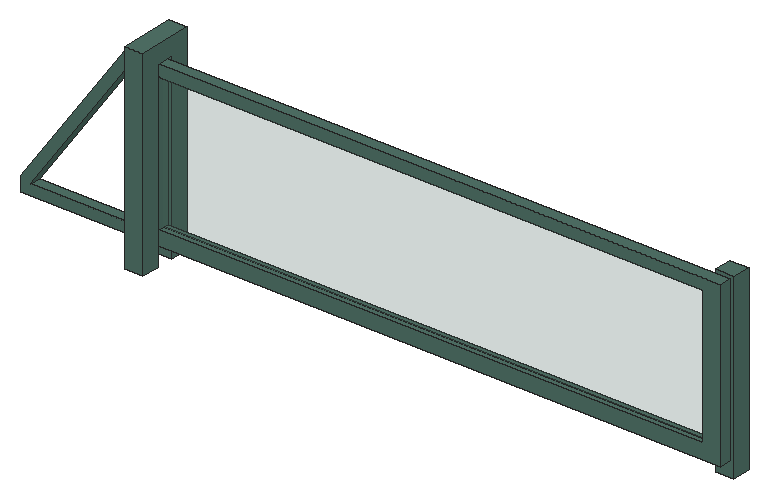
Revit family "Ворота откатные_Открывание влево", category Специальное оборудование, Revit 2019
Family settings
  Размер круглого соединителя = Использовать диаметр
  Тип детали = Нормальный
  На основе рабочей плоскости = Нет
  Всегда вертикально = Да
  При загрузке вырезать с полостями = Нет
  Общий = Нет
  Точка расчета площади = Нет
Parameters (values of type "Ворота откатные BARS")
  Ширина усиления [instance] = Высота / 3 * 2  # 666.667 mm
  Ширина [instance] = 3000 mm
  Таблица = if(Заполнение BARS, "GS_BARS_ВЛЕВО", "GS_FENCE_ВЛЕВО")  # "GS_BARS_ВЛЕВО"
  Материал_Столбы = FENSYS_Столб
  Материал_Сетка = FENSYS_Рейка
  Изготовитель = "FENSYS"  # constant formula
  Заполнение BARS = yes
  Длина ворот 9000-9500 [instance] = and(ADSK_Размер_Ширина > 8500 mm, not(ADSK_Размер_Ширина > 10000 mm))  # no
  Model = ""
  Высота [instance] = 1000 mm
  Длина ворот 7000-8500 [instance] = and(ADSK_Размер_Ширина > 6500 mm, not(ADSK_Размер_Ширина > 8500 mm))  # no
  Длина ворот 3000-6500 [instance] = not(ADSK_Размер_Ширина > 6500 mm)  # yes
  URL = "https://www.fensys.ru/produkciya/vorota_1.html"
  ADSK_Размер_Ширина [instance] = Ширина  # 3000 mm
  ADSK_Размер_Высота [instance] = Высота  # 1000 mm
  ADSK_Обозначение [instance] = size_lookup(Таблица, "ADSK_Обозначение", "Не стандарт", ADSK_Размер_Высота, ADSK_Размер_Ширина)  # "S/SIT/BARS"
  ADSK_Наименование [instance] = size_lookup(Таблица, "", "Не стандарт", ADSK_Размер_Высота, ADSK_Размер_Ширина)  # "Откатные ворота серии GS-BARS: HxW (ширина проезда) 1000х3000 мм, заполнение BARS, под автоматику, открывание влево"
  ADSK_Масса [instance] = size_lookup(Таблица, "ADSK_Масса", 0, ADSK_Размер_Высота, ADSK_Размер_Ширина)  # 174.5
  ADSK_Комплект = "Ворота откатные"  # constant formula
  ADSK_Код изделия [instance] = size_lookup(Таблица, "ADSK_Код изделия", "Не стандарт", ADSK_Размер_Высота, ADSK_Размер_Ширина)  # "21044L"
  ADSK_Завод-изготовитель = Изготовитель  # "FENSYS"
  ADSK_Единица измерения = "шт."  # constant formula
Types (3, lengths in mm): name | Таблица | Материал_Сетка | Заполнение BARS | ADSK_Обозначение | ADSK_Наименование | ADSK_Масса | ADSK_Код изделия
  (no name) | "GS_BARS_ВЛЕВО" | FENSYS_Рейка | yes | "S/SIT/BARS" | "Откатные ворота серии GS-BARS: HxW (ширина проезда) 1000х3000 мм, заполнение BARS, под автоматику, открывание влево" | 174.5 | "21044L"
  Ворота откатные BARS | "GS_BARS_ВЛЕВО" | FENSYS_Рейка | yes | "S/SIT/BARS" | "Откатные ворота серии GS-BARS: HxW (ширина проезда) 1000х3000 мм, заполнение BARS, под автоматику, открывание влево" | 174.5 | "21044L"
  Ворота откатные FENCE | "GS_FENCE_ВЛЕВО" | FENSYS_Сетка_50x100 | no | "S/SIT/FENCE" | "Откатные ворота серии GS-FENCE: HxW (ширина проезда) 1000х3000 мм, заполнение панель, под автоматику, открывание влево" | 166 | "21002L"
Reference planes
  plane 1 "По центру (Вперед/Назад)": y = 0
  plane 2: z = 0
  plane 3 "По центру (Влево/Вправо)": x = 0
  plane 4: x = 3100
  plane 5: y = 50
  plane 6: y = -50
  plane 7: x = -100
  plane 8: x = 3000
  plane 9: z = 1000
  plane 10: z = 100
  plane 11: y = -108
  plane 12: y = -112
  plane 13: x = 1450
  plane 14: x = -766.667
Forms (mm)
  Extrusion 1, solid, material "FENSYS_Рейка" <- "Материал_Сетка", detail levels medium+fine
    sketch origin (0, -110, 0) x (1, 0, 0) y (0, 1, 0)
      loop
        line (0, 2) -> (0, -2) -> (3000, -2) -> (3000, 2) -> (0, 2)
    from 180 to 939.933
  Extrusion 2, solid, material "FENSYS_Столб"
    sketch origin (9600, 0, 0) x (1, 0, 0) y (0, 1, 0)
      loop
        line (-6600, 50) -> (-6600, -50) -> (-6500, -50) -> (-6500, 50) -> (-6600, 50)
    from 0 to 1000
  Extrusion 3, solid, material "FENSYS_Столб" <- "Материал_Столбы", detail levels medium+fine
    sketch origin (-595.039, 0, 0) x (1, 0, 0) y (0, 0, 1)
      loop
        line (495.039, 1000) -> (495.039, 100) -> (3695.039, 100) -> (3695.039, 1000) -> (495.039, 1000)
      loop
        line (595.039, 180) -> (3595.039, 180) -> (3595.039, 939.933) -> (595.039, 939.933) -> (595.039, 180)
    from 140 to 80
  Extrusion 4, solid, material "FENSYS_Столб"
    sketch origin (0, 0, 0) x (0, 1, 0) y (0, 0, 1)
      loop
        line (-250, 0) -> (-150, 0) -> (-150, 1000) -> (-50, 1000) -> (-50, 0) -> (50, 0) -> (50, 1100) -> (-250, 1100) -> (-250, 0)
    from -100 to 0
  Extrusion 5, solid, material "FENSYS_Столб" <- "Материал_Столбы", visible <- "Длина ворот 3000-6500", detail levels medium+fine
    sketch origin (9480, 0, 0) x (-1, 0, 0) y (0, 0, -1)
      loop
        line (9580, -100) -> (9580, -1000) -> (9671.856, -1000) -> (10246.667, -178.915) -> (10246.667, -100) -> (9580, -100)
      loop
        line (9640, -160) -> (9640, -940.884) -> (10186.667, -160) -> (9640, -160)
    from 80 to 140
  Extrusion 6, solid, material "FENSYS_Столб" <- "Материал_Столбы", visible <- "Длина ворот 9000-9500", detail levels medium+fine
    sketch origin (8120.037, 0, 250) x (-1, 0, 0) y (0, 0, -1)
      loop
        line (8220.037, 150) -> (8220.037, -750) -> (8886.703, -750) -> (8886.703, 150) -> (8220.037, 150)
      loop
        line (8280.037, 90) -> (8280.037, -690) -> (8856.703, -690) -> (8856.703, 90) -> (8280.037, 90)
    from 80 to 140
  Extrusion 7, solid, material "FENSYS_Столб" <- "Материал_Столбы", visible <- "Длина ворот 9000-9500", detail levels medium+fine
    sketch origin (11586.63, 0, 0) x (-1, 0, 0) y (0, 0, -1)
      loop
        line (11746.63, -263.293) -> (12323.297, -940) -> (12323.297, -838.334) -> (11746.63, -160) -> (11746.63, -263.293)
    from 80 to 140
  Extrusion 8, solid, material "FENSYS_Столб" <- "Материал_Столбы", visible <- "Длина ворот 9000-9500", detail levels medium+fine
    sketch origin (-12320.037, 0, 250) x (1, 0, 0) y (0, 0, 1)
      loop
        line (10886.703, -150) -> (11553.37, -150) -> (11553.37, 750) -> (10886.703, 750) -> (10886.703, -150)
      loop
        line (10946.703, -90) -> (11523.37, -90) -> (11523.37, 690) -> (10946.703, 690) -> (10946.703, -90)
    from 80 to 140
  Extrusion 9, solid, material "FENSYS_Столб" <- "Материал_Столбы", visible <- "Длина ворот 9000-9500", detail levels medium+fine
    sketch origin (-15786.63, 0, 0) x (1, 0, 0) y (0, 0, 1)
      loop
        line (14413.297, 263.293) -> (14413.297, 160) -> (14989.963, 838.334) -> (14989.963, 940) -> (14413.297, 263.293)
    from 80 to 140
  Extrusion 10, solid, material "FENSYS_Столб" <- "Материал_Столбы", visible <- "Длина ворот 7000-8500", detail levels medium+fine
    sketch origin (13500, 0, 0) x (-1, 0, 0) y (0, 0, -1)
      loop
        line (13600, -1000) -> (14266.667, -1000) -> (14266.667, -100) -> (13600, -100) -> (13600, -1000)
      loop
        line (14206.667, -940) -> (14206.667, -160) -> (13660, -160) -> (13660, -940) -> (14206.667, -940)
    from 80 to 140
  Extrusion 11, solid, material "FENSYS_Столб" <- "Материал_Столбы", visible <- "Длина ворот 7000-8500", detail levels medium+fine
    sketch origin (13500, 0, 0) x (-1, 0, 0) y (0, 0, -1)
      loop
        line (13660, -940) -> (14206.667, -277.348) -> (14206.667, -160) -> (13660, -822.652) -> (13660, -940)
    from 80 to 140
Cuts and joins
  joined: Extrusion 6, Extrusion 7, Extrusion 8, Extrusion 9
  joined: Extrusion 10, Extrusion 11
Lines and regions (mm)
  symbolic lines, detail levels coarse+medium
    curve 1: line (0, -110, 0) -> (3100, -110, 0)
Dimensions and locks
  equal spacing: plane 6, plane 1 "По центру (Вперед/Назад)", plane 5
  "ADSK_Размер_Высота": plane 9 to plane 2
  plane 10 to plane 2 = 100 mm
  plane 5 to plane 1 "По центру (Вперед/Назад)" = 50 mm
  plane 12 to plane 11 to plane 1 "По центру (Вперед/Назад)" = 4 mm, 108 mm
  plane 11 to plane 1 "По центру (Вперед/Назад)" = 108 mm
  "ADSK_Размер_Ширина": plane 3 "По центру (Влево/Вправо)" to plane 8
  equal spacing: plane 8, plane 13, plane 7
  locked: plane 8 to plane 4 at 100
  locked: plane 7 to plane 3 "По центру (Влево/Вправо)" at 100
  locked: plane 5 to plane 6 at 100
  locked: Extrusion 4 to Extrusion 4 at 100  (x3)
  locked: Extrusion 4 sketch curve to Extrusion 4 sketch curve at 100  (x2)
  locked: Extrusion 5 sketch curve to Extrusion 5 sketch curve at 60  (x4)
  "Ширина усиления": plane 7 to plane 14
  locked: Extrusion 6 sketch curve to Extrusion 6 sketch curve at 60  (x3)
  locked: Extrusion 6 sketch curve to Extrusion 6 sketch curve at 30
  locked: Extrusion 8 sketch curve to Extrusion 8 sketch curve at 60  (x3)
  locked: Extrusion 8 sketch curve to Extrusion 8 sketch curve at 30
  "Ширина усиления": plane 14 to Extrusion 8
  locked: Extrusion 10 sketch curve to Extrusion 10 sketch curve at 60  (x4)
  locked: Extrusion 3 sketch curve to Extrusion 3 sketch curve at 60.067
  plane 6 to nested 1 = 500 mm
  locked: curve 1 to plane 1 "По центру (Вперед/Назад)" at 110
  aligned and locked: level to plane 2
  aligned and locked: Extrusion 1 sketch curve to plane 11
  aligned and locked: Extrusion 1 sketch curve to plane 12
  aligned and locked: Extrusion 1 to plane 3 "По центру (Влево/Вправо)"
  aligned and locked: plane 5 to Extrusion 2 sketch curve
  aligned and locked: Extrusion 2 sketch curve to plane 6
  aligned and locked: Extrusion 2 to plane 9
  aligned and locked: Extrusion 2 to plane 5
  aligned and locked: plane 6 to Extrusion 2  (x2)
  aligned and locked: Extrusion 3 to plane 9  (x2)
  aligned and locked: Extrusion 3 to plane 10
  aligned and locked: plane 4 to Extrusion 3
  aligned and locked: Extrusion 3 to plane 8
  aligned and locked: plane 8 to Extrusion 1
  aligned and locked: Extrusion 3 sketch curve to plane 4
  aligned and locked: plane 8 to Extrusion 3 sketch curve
  aligned and locked: Extrusion 3 sketch curve to plane 10
  aligned and locked: Extrusion 4 to plane 7
  aligned and locked: plane 4 to Extrusion 2
  aligned and locked: Extrusion 2 to plane 8
  aligned and locked: Extrusion 4 to Extrusion 2
  aligned and locked: plane 14 to Extrusion 5
  aligned and locked: Extrusion 7 sketch curve to Extrusion 6
  aligned and locked: Extrusion 6 to Extrusion 7  (x4)
  aligned and locked: Extrusion 6 to Extrusion 4
  aligned and locked: Extrusion 6 to plane 10
  aligned and locked: plane 9 to Extrusion 6
  aligned and locked: Extrusion 9 sketch curve to Extrusion 8
  aligned and locked: Extrusion 9 to Extrusion 8  (x4)
  aligned and locked: plane 9 to cut or joined group of Extrusion 6, Extrusion 7, Extrusion 8, Extrusion 9
  aligned and locked: Extrusion 10 to Extrusion 11
  aligned and locked: Extrusion 10 to Extrusion 4
  aligned and locked: plane 9 to Extrusion 10
  aligned and locked: Extrusion 10 to plane 10
  aligned and locked: Extrusion 10 to plane 14  (x6)
  aligned and locked: Extrusion 1 to Extrusion 3
  aligned and locked: plane 3 "По центру (Влево/Вправо)" to curve 1
  aligned and locked: plane 13 to nested 1
  aligned and locked: plane 4 to curve 1
Automatic sketch dimensions
  Extrusion 1 sketch curve to plane 3 "По центру (Влево/Вправо)" = 0 mm
  Extrusion 1 sketch curve to plane 8 = 0 mm
  Extrusion 2 sketch curve to plane 8 = 0 mm
  Extrusion 2 sketch curve to plane 4 = 0 mm
  Extrusion 3 sketch curve to plane 7 = 0 mm
  Extrusion 3 sketch curve to plane 3 "По центру (Влево/Вправо)" = 0 mm
  Extrusion 3 sketch curve to plane 9 = 0 mm
  plane 10 to Extrusion 3 sketch curve = 80 mm
  Extrusion 4 sketch curve to level = 0 mm  (x2)
  Extrusion 4 sketch curve to plane 9 = 0 mm
  Extrusion 4 sketch curve to plane 6 = 0 mm
  Extrusion 4 sketch curve to plane 5 = 0 mm
  Extrusion 4 sketch curve to Extrusion 4 sketch curve = 100 mm
  Extrusion 5 sketch curve to plane 7 = 0 mm
  Extrusion 5 sketch curve to plane 9 = 0 mm
  Extrusion 5 sketch curve to plane 10 = 0 mm
  Extrusion 5 sketch curve to plane 14 = 0 mm
  Extrusion 6 sketch curve to plane 7 = 0 mm
  Extrusion 6 sketch curve to plane 10 = 0 mm
  Extrusion 6 sketch curve to plane 14 = 0 mm
  plane 7 to Extrusion 7 sketch curve = 60 mm
  Extrusion 7 sketch curve to Extrusion 7 sketch curve = 101.666 mm
  Extrusion 7 sketch curve to plane 10 = 163.293 mm
  Extrusion 7 sketch curve to plane 10 = 60 mm
  Extrusion 8 sketch curve to plane 9 = 0 mm
  Extrusion 8 sketch curve to plane 10 = 0 mm
  Extrusion 8 sketch curve to plane 14 = 0 mm
  Extrusion 8 sketch curve to Extrusion 8 sketch curve = 576.667 mm
  plane 10 to Extrusion 9 sketch curve = 163.293 mm
  Extrusion 9 sketch curve to plane 14 = 606.667 mm
  plane 10 to Extrusion 9 sketch curve = 60 mm
  Extrusion 9 sketch curve to Extrusion 9 sketch curve = 101.666 mm
  Extrusion 10 sketch curve to plane 10 = 0 mm
  Extrusion 10 sketch curve to plane 9 = 0 mm
  plane 7 to Extrusion 10 sketch curve = 0 mm
  Extrusion 10 sketch curve to plane 14 = 60 mm
  plane 7 to Extrusion 11 sketch curve = 60 mm
  Extrusion 11 sketch curve to plane 14 = 60 mm
  Extrusion 11 sketch curve to Extrusion 11 sketch curve = 117.348 mm
  Extrusion 11 sketch curve to plane 10 = 177.348 mm
  Extrusion 11 sketch curve to plane 10 = 60 mm
  Extrusion 5 sketch curve to Extrusion 5 sketch curve = 31.856 mm
  Extrusion 6 sketch curve to plane 9 = 0 mm
  plane 9 to Extrusion 7 sketch curve = 161.666 mm
  Extrusion 9 sketch curve to plane 9 = 161.666 mm
  plane 9 to Extrusion 11 sketch curve = 177.348 mm
Nested families
  nested 1: "Обозначение_стрелка" at (1450, -550, 0) x (-1, 0, 0) z (0, 0, 1), type "Обозначение_стрелка"
    with Ширина 20 mm
Definition of nested family "Обозначение_стрелка"
  Parameters (values of type "Обозначение_стрелка")
    Ширина [instance] = 500 mm
  Reference planes
    plane 1: y = 0
    plane 2: x = 0
  Lines and regions (mm)
    detail lines
      curve 1: line (-250, 0, 0) -> (250, 0, 0)
      curve 2: line (250, 0, 0) -> (247.952, 1.434, 0)
      curve 3: line (250, 0, 0) -> (247.952, -1.434, 0)
  Dimensions and locks
    equal spacing: curve 1, plane 2, curve 3
    "Ширина": curve 1 to curve 3
  Automatic sketch dimensions
    plane 1 to curve 2 = 0 mm
    curve 2 to plane 1 = 1.434 mm
    curve 2 to curve 1 = 2.048 mm
    plane 1 to curve 3 = 1.434 mm
    curve 3 to curve 1 = 2.048 mm
